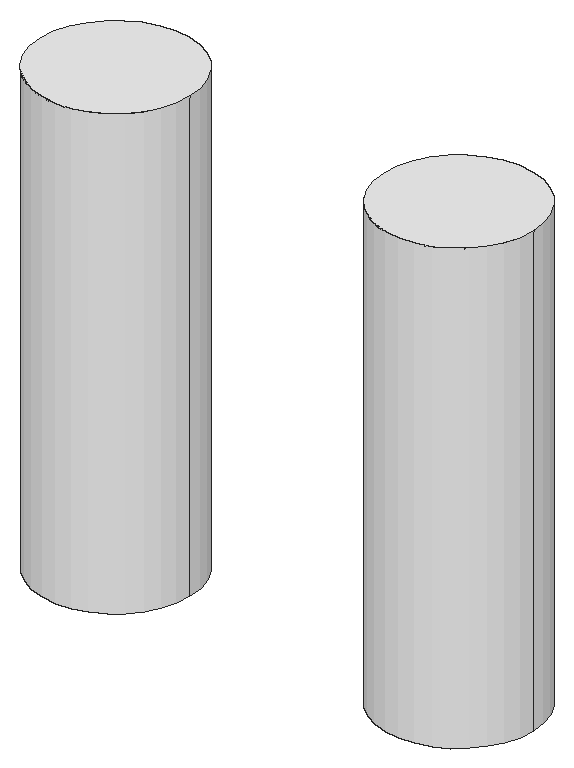
Revit family "45341183", category Plumbing Fixtures, Revit 2018
Family settings
  Round Connector Dimension = Use Diameter
  Part Type = Normal
  OmniClass Number = 23.45.55.00
  OmniClass Title = Sanitary Faucets, Wastes
  Work Plane-Based = No
  Always vertical = Yes
  Cut with Voids When Loaded = No
  Shared = No
  Room Calculation Point = No
Parameters (values of type "45341183 Washbasin faucet, low pressure ")
  WorkingPressure = "50 - 500 kPa"
  Working Pressure = "50 - 500 kPa"
  WarrantyStartDate [instance] = "n/a"
  WarrantyGuarantorParts = "n/a"
  WarrantyGuarantorLabor = "n/a"
  WarrantyDurationUnit = "Year"
  WarrantyDurationParts = "n/a"
  WarrantyDurationLabor = "n/a"
  WarrantyDescription = "http://warranty.hansa.com"
  Warranty Information URL = "http://warranty.hansa.com"
  VersionDate = "01/07/2022"
  Version = "3"  # constant formula
  ValvePattern = "n/a"
  ValveOperation = "n/a"
  ValveMechanism = "n/a"
  Uniclass2015Reference = "Pr_40_20_87_96"
  Uniclass2015Description = "Washbasin manual water supply sets"
  Uniclass2 = "Pr_40_30_96_96"
  URL REACH = "http://static.hansa.com/doc/reach"
  URL Declaration of Conformity = "http://static.hansa.com/DoC/45341183"
  URL = ""
  UNSPSC Class Number = "30181700 Faucets or taps"
  TestPressure = "n/a"
  Technical DataSheet URL = "http://www.hansa.com/datasheet/45341183/en"
  TagNumber [instance] = "n/a"
  SustainabilityPerformance = "n/a"
  Surface treatment = "Chrome"
  Spout Type = "Fixed spout"
  Spout Projection = "107 mm"
  Spare-Part Information URL = "http://static.hansa.com/sp/45341183"
  Size = "Faucet: 50x144x147 mm / Heater: 255x213x418 mm"
  Shape = "Sculptured"
  SerialNumber [instance] = "n/a"
  Sales Package dimensions (LxWxH) = "380 x 180 x 74"
  Revision = "2"  # constant formula
  ReplacementCost = "n/a"
  ProductInformation = "Washbasin faucet with disinfection wash proof Bidetta shower set"
  Product URL = "http://static.hansa.com/45341183"
  Product Image URL = "http://static.hansa.com/image/45341183"
  Product Family = "HANSAPINTO "
  Product Code = "45341183"
  OperatingMechanismMaterial = "n/a"
  Name_en = "45341183 Washbasin faucet, low pressure"
  Name = "45341183 Washbasin faucet, low pressure"
  NBSReference = "45-35-70/371"
  NBSDescription = "Water supply fittings for wash basins and troughs"
  Mounting Holes = "1 hole"
  ModelReference = "45341183"
  ModelNumber = "n/a"
  Model = "45341183 Washbasin faucet, low pressure"
  Mobile Product Information URL = "http://mpi.hansa.com/45341183"
  Mechanical Parts = "Litter filter(s);ø 40 mm ceramic cartridge for flow and temperature control"
  Max. Hot Water Supply = 70 °C
  Material = "Brass"
  Market = "International;Germany;Austria;Belgium;Netherlands;Czech Republic;Slovakia"
  ManufacturerURL = "http://www.hansa.com"
  ManufacturerName = "HANSA"
  Manufacturer = "HANSA"
  Lever Handle = "Hot/Cold symbols;Single operating lever/handle"
  Interactive AR View URL = "https://static.hansa.com/AR/45341183"
  InstallationDate [instance] = "n/a"
  Installation and Maintenance Guide URL = "http://static.hansa.com/manual/45341183"
  Installation Type = "Deck mounted"
  InletConnectionSize = 10 mm
  IfcExportType = "FAUCET"  # constant formula
  IfcExportAs = "IfcValveType"  # constant formula
  HeaterVisibility [instance] = yes
  HeaterNominalWidth = 255 mm
  HeaterNominalHeight = 418.2 mm
  HeaterNominalDepth = 213 mm
  HeaterDefaultElevation [instance] = 200 mm
  HWFU = 0
  Group = "Washbasin faucet"
  Grade = "n/a"
  FlowCoefficient = 0
  Finish = "Polished"
  Features = "Single-lever;Low pressure"
  FaucetNominalWidth = 50 mm
  FaucetNominalHeight = 147 mm
  FaucetNominalDepth = 144 mm
  FaucetMainMaterial = Brass
  FaucetDefaultElevation [instance] = 900 mm
  FDV Document URL = "http://www.hansa.com/datasheet/45341183/en/fdv"
  ExpectedLife = "n/a"
  Excluded Items = "Without pop-up waste;Without draw-rod opening"
  ETIM Class Number = "EC011328 Washbasin mixing tap"
  EN Standard = "EN 817"
  EAN Number = "4057304003028"
  DurationUnit = "Year"
  DistanceY-Axis [instance] = 100 mm
  DistanceX-Axis [instance] = 200 mm
  Dimension Drawing URL = "http://static.hansa.com/dimdrw/45341183"
  Description = ""
  Constituents = "n/a"
  Connection Size = "G3/8"
  Connection = "Flexible inlet pipes"
  Color = "Chrome"
  CodePerformance = "n/a"
  CloseOffRating = 0
  Category = "Bathroom"
  Catalog Drawing URL = "http://static.hansa.com/catdrw/45341183"
  Brand = "HANSA"
  BodyMaterial = "Brass"
  Barcode [instance] = "n/a"
  Backflow Prevention EN1717 = "AA"
  BIMObjectName = "45341183"
  Author = "BIMStone"
  AssetType = "Fixed"
  AssetIdentifier [instance] = "n/a"
  Ambience photo = "http://static.hansa.com/ambience/45341183"
  Aerator = "Laminar stream;Standard aerator"
  Advanced Features = "3S-installation system for safe and simple mounting;Inner body made of DZR brass"
  AccessibilityPerformance = "n/a"
  3D View = "https://static.hansa.com/3D/45341183"
  2D/3D/BIM Files URL = "http://static.hansa.com/bim/45341183"
Reference planes
  plane 1 "Center (Front/Back)": y = 0
  plane 2: z = 0
  plane 3 "Center (Left/Right)": x = 0
  plane 4: x = -25
  plane 5: x = 25
  plane 6: z = 900
  plane 7: z = 870
  plane 8: x = 200
  plane 9: y = -113
  plane 10: y = 100
  plane 11: z = 200
  plane 12: z = 618.2
  plane 13: y = -144
  plane 14: z = 1047
  plane 15: x = 72.5
  plane 16: x = 327.5
Forms (mm)
  Extrusion 1, solid, material "Brass" <- "FaucetMainMaterial"
    sketch origin (0, 4.9, 0) x (1, 0, 0) y (0, 1, 0)
      loop
        circle (-11.5, -29) r 5
      loop
        circle (11.5, -29) r 5
    from 870 to 900
Dimensions and locks
  equal spacing: plane 4, plane 3 "Center (Left/Right)", plane 5
  "FaucetDefaultElevation": plane 6 to level
  locked: plane 6 to plane 7 at 30
  "FaucetNominalWidth": plane 4 to plane 5
  "HeaterNominalDepth": plane 10 to plane 9
  "DistanceX-Axis": plane 3 "Center (Left/Right)" to plane 8
  "HeaterNominalHeight": plane 12 to plane 11
  "HeaterDefaultElevation": plane 11 to level
  "DistanceY-Axis": plane 10 to plane 1 "Center (Front/Back)"
  "FaucetNominalDepth": plane 13 to plane 1 "Center (Front/Back)"
  "FaucetNominalHeight": plane 14 to plane 6
  equal spacing: plane 15, plane 8, plane 16
  "HeaterNominalWidth": plane 15 to plane 16
  "InletConnectionSize": diameter of Extrusion 1 sketch curve  (x2)
  aligned and locked: level to plane 2
  aligned and locked: plane 6 to Extrusion 1
  aligned and locked: Extrusion 1 to plane 7
  aligned and locked: nested 2 to plane 10
  aligned and locked: plane 8 to nested 2
  aligned and locked: plane 8 to nested 3
  aligned and locked: plane 3 "Center (Left/Right)" to nested 4
  aligned and locked: plane 1 "Center (Front/Back)" to nested 4
  aligned and locked: nested 4 to plane 6
  aligned and locked: nested 3 to plane 10
  aligned and locked: nested 3 to plane 11
Automatic sketch dimensions
  Extrusion 1 sketch curve to plane 3 "Center (Left/Right)" = 11.5 mm
  plane 3 "Center (Left/Right)" to Extrusion 1 sketch curve = 11.5 mm
  plane 1 "Center (Front/Back)" to Extrusion 1 sketch curve = 24.1 mm
  Extrusion 1 sketch curve to Extrusion 1 sketch curve = 0 mm
Nested families
  nested 1: "Symbol" at (0, 0, 0), type "Symbol", detail levels coarse
  nested 2: "Symbol" at (200, 100, 0), type "Symbol", detail levels coarse
  nested 3: "45341183_Heater" at (200, -6.5, 200), visible <- "HeaterVisibility", type "45341183_Heater"
  nested 4: "45341183_p" at (0, 0, 900), Material <- "FaucetMainMaterial", type "45341183_p"
    with Material Brass
Connectors
  piping at (-11.5, -24.1, 870), diameter 10, driven by "InletConnectionSize"
    settings: on Extrusion 1, index 1, connector inside diameter 609.6 mm, connector length 0 mm, flow factor 0, pipe flow 0.0 L/s, pressure drop 0.0 Pa, fitting loss kfactor 0, connector angle 0.00°, fixture units 0, engagement length 0 mm, angle of deflection 0.00°, flow configuration 1, flow direction 1, fitting loss method 0, system type 19, joint type 0, gender type 0, connector reference index -1, connector utility 0, adjustable connector no, is connector primary yes, connector description ""
  piping at (11.5, -24.1, 870), diameter 10, driven by "InletConnectionSize"
    settings: on Extrusion 1, index 2, connector inside diameter 609.6 mm, connector length 0 mm, flow factor 0, pipe flow 0.0 L/s, pressure drop 0.0 Pa, fitting loss kfactor 0, connector angle 0.00°, fixture units 0, engagement length 0 mm, angle of deflection 0.00°, flow configuration 1, flow direction 1, fitting loss method 0, system type 20, joint type 0, gender type 0, connector reference index -1, connector utility 0, adjustable connector no, is connector primary no, connector description ""
  piping at (150, 32, 618.2), diameter 10, driven by "InletConnectionSize"
    settings: on nested 3, index 3, connector inside diameter 609.6 mm, connector length 0 mm, flow factor 0, pipe flow 0.0 L/s, pressure drop 0.0 Pa, fitting loss kfactor 0, connector angle 0.00°, fixture units 0, engagement length 0 mm, angle of deflection 0.00°, flow configuration 1, flow direction 2, fitting loss method 0, system type 19, joint type 0, gender type 0, connector reference index -1, connector utility 0, adjustable connector no, is connector primary no, connector description ""
  piping at (250, 32, 618.2), diameter 10, driven by "InletConnectionSize"
    settings: on nested 3, index 4, connector inside diameter 609.6 mm, connector length 0 mm, flow factor 0, pipe flow 0.0 L/s, pressure drop 0.0 Pa, fitting loss kfactor 0, connector angle 0.00°, fixture units 0, engagement length 0 mm, angle of deflection 0.00°, flow configuration 1, flow direction 1, fitting loss method 0, system type 20, joint type 0, gender type 0, connector reference index -1, connector utility 0, adjustable connector no, is connector primary no, connector description ""
Definition of nested family "Symbol"
  Reference planes
    plane 1: y = 0
    plane 2: x = 0
  Lines and regions (mm)
    detail lines
      curve 1: line (0, 0, 0) -> (0, -1.8, 0)
      curve 2: line (-0.4, -1.1, 0) -> (0.4, -1.1, 0)
      curve 3: line (-0.4, -1.4, 0) -> (0.4, -1.4, 0)
      curve 4: line (0.863, 0, 0) -> (-0.863, 0, 0)
      curve 5: circle (-1.163, 0, 0) r 0.3 normal (0, 0, -1)
      curve 6: circle (1.163, 0, 0) r 0.3 normal (0, 0, 1)
Definition of nested family "45341183_Heater"
  Reference planes
    plane 1 "Center (Front/Back)": y = 0
    plane 2: z = 0
    plane 3 "Center (Left/Right)": x = 0
    plane 4: z = 418.2
    plane 5: y = 106.5
    plane 6: y = -106.5
    plane 7: x = -127.5
    plane 8: x = 127.5
  Forms (mm)
    Extrusion 1, solid, detail levels medium
      sketch origin (0, 0, 0) x (1, 0, 0) y (0, 1, 0)
        loop
          arc (-123.28, -82.346) -> (-117.845, -95.367) -> (-105.167, -101.56) r 20
          arc (-105.167, -101.56) -> (0, -106.5) -> (105.167, -101.56) r 1121.865
          arc (105.167, -101.56) -> (117.845, -95.367) -> (123.28, -82.346) r 20
          line (123.28, -82.346) -> (127.5, 38.5) -> (-127.5, 38.5) -> (-123.28, -82.346)
      from 0 to 389.992
    Extrusion 2, solid, detail levels medium
      sketch origin (0, 0, 0) x (1, 0, 0) y (0, 1, 0)
        loop
          line (-107.693, 104.57) -> (-110, 38.5) -> (110, 38.5) -> (107.693, 104.57)
          arc (107.693, 104.57) -> (107.083, 105.939) -> (105.694, 106.5) r 2
          line (105.694, 106.5) -> (-105.694, 106.5)
          arc (-105.694, 106.5) -> (-107.083, 105.939) -> (-107.693, 104.57) r 2
      from 5.314 to 382.736
    Revolve 3, solid, detail levels medium
      sketch origin (0, 38.5, 0) x (1, 0, 0) y (0, 0, 1)
        loop
          line (-50, 418.2) -> (-58.25, 418.2) -> (-58.25, 408) -> (-62.75, 408) -> (-62.75, 396.5) -> (-50, 396.5) -> (-50, 418.2)
        axis (-50, 418.2) -> (-50, 396.5)
      angle from 0 to 360
    Revolve 4, solid, detail levels medium
      sketch origin (0, 38.5, 0) x (1, 0, 0) y (0, 0, 1)
        loop
          line (-50, 396.5) -> (-64.15, 396.5) -> (-66.173, 394.477) -> (-66.173, 382.736) -> (-50, 382.736) -> (-50, 396.5)
        axis (-50, 396.5) -> (-50, 382.736)
      angle from 0 to 360
    Extrusion 5, solid, detail levels coarse
      sketch origin (0, 0, 0) x (1, 0, 0) y (0, 1, 0)
        loop
          line (-127.5, 106.5) -> (-127.5, -106.5) -> (127.5, -106.5) -> (127.5, 106.5) -> (-127.5, 106.5)
      from 0 to 418.2
    Revolve 6, solid, detail levels medium
      sketch origin (0, 38.5, 0) x (-1, 0, 0) y (0, 0, -1)
        loop
          line (-50, -418.2) -> (-50, -396.5) -> (-62.75, -396.5) -> (-62.75, -408) -> (-58.25, -408) -> (-58.25, -418.2) -> (-50, -418.2)
        axis (-50, -418.2) -> (-50, -396.5)
      angle from 0 to 360
    Revolve 7, solid, detail levels medium
      sketch origin (0, 38.5, 0) x (-1, 0, 0) y (0, 0, -1)
        loop
          line (-50, -396.5) -> (-50, -382.736) -> (-66.173, -382.736) -> (-66.173, -394.477) -> (-64.15, -396.5) -> (-50, -396.5)
        axis (-50, -396.5) -> (-50, -382.736)
      angle from 0 to 360
  Cuts and joins
    joined: Extrusion 1, Extrusion 2, Revolve 4, Revolve 7
  Lines and regions (mm)
    symbolic lines, detail levels medium+fine
      curve 1: line (0, 104.57, 9.307) -> (0, 40.43, 7.067)
      curve 2: line (0, 106.5, 11.306) -> (0, 106.5, 378.647)
      curve 3: line (0, 104.57, 380.646) -> (0, 54.673, 382.389)
      curve 4: line (0, 54.673, 394.477) -> (0, 54.673, 382.389)
      curve 5: line (0, 54.673, 394.477) -> (0, 52.65, 396.5)
      curve 6: line (0, 51.25, 396.5) -> (0, 51.25, 408)
      curve 7: line (0, 51.25, 396.5) -> (0, 52.65, 396.5)
      curve 8: line (0, 51.25, 408) -> (0, 46.75, 408)
      curve 9: line (0, 46.75, 408) -> (0, 46.75, 418.2)
      curve 10: line (0, 46.75, 418.2) -> (0, 30.25, 418.2)
      curve 11: line (0, 30.25, 418.2) -> (0, 30.25, 408)
      curve 12: line (0, 30.25, 408) -> (0, 25.75, 408)
      curve 13: line (0, 25.75, 408) -> (0, 25.75, 396.5)
      curve 14: line (0, 25.75, 396.5) -> (0, 24.35, 396.5)
      curve 15: line (0, 24.35, 396.5) -> (0, 22.327, 394.477)
      curve 16: line (0, 22.327, 394.477) -> (0, 22.327, 389.144)
      curve 17: line (0, 22.327, 389.144) -> (0, -103.657, 382.542)
      curve 18: line (0, -106.5, 379.546) -> (0, -106.5, 373.554)
      curve 19: line (0, -106.5, 373.554) -> (0, -104.678, 373.554)
      curve 20: line (0, -104.678, 373.554) -> (0, -104.678, 368.554)
      curve 21: line (0, -104.678, 368.554) -> (0, -105.5, 368.554)
      curve 22: line (0, -105.5, 368.554) -> (0, -105.5, 311.5)
      curve 23: line (0, -105.5, 311.5) -> (0, -104.669, 311.5)
      curve 24: line (0, -104.669, 311.5) -> (0, -104.669, 283.779)
      curve 25: line (0, -106.5, 274.171) -> (0, -104.669, 283.779)
      curve 26: line (0, -106.5, 274.171) -> (0, -106.5, 26.243)
      curve 27: line (0, -81.5, 0) -> (0, -105.621, 24.121)
      curve 28: arc (0, -106.5, 26.243) -> (0, -106.272, 25.095) -> (0, -105.621, 24.121) r 3
      curve 29: line (0, -81.5, 0) -> (0, 38.5, 0)
      curve 30: line (0, 38.5, 0) -> (0, 38.5, 5.069)
      curve 31: arc (0, 40.43, 7.067) -> (0, 39.061, 6.458) -> (0, 38.5, 5.069) r 2
      curve 32: arc (0, 106.5, 11.306) -> (0, 105.939, 9.917) -> (0, 104.57, 9.307) r 2
      curve 33: arc (0, 104.57, 380.646) -> (0, 105.939, 380.037) -> (0, 106.5, 378.647) r 2
      curve 34: arc (0, -106.5, 379.546) -> (0, -105.676, 381.611) -> (0, -103.657, 382.542) r 3
      curve 47: line (-66.033, 0, 390.053) -> (-124.5, 0, 390.053)
      curve 48: line (-64, 0, 396.5) -> (-66.033, 0, 394.467)
      curve 49: line (-66.033, 0, 394.467) -> (-66.033, 0, 390.053)
      curve 50: line (-64, 0, 396.5) -> (-62.6, 0, 396.5)
      curve 51: line (-62.6, 0, 398.5) -> (-62.6, 0, 396.5)
      curve 52: line (-62.6, 0, 398.5) -> (-60.75, 0, 398.5)
      curve 53: line (-60.75, 0, 398.5) -> (-60.75, 0, 408)
      curve 54: line (-60.75, 0, 408) -> (-58.1, 0, 408)
      curve 55: line (-58.1, 0, 418.2) -> (-58.1, 0, 408)
      curve 56: line (-35.7, 0, 396.5) -> (-33.667, 0, 394.467)
      curve 57: line (-33.667, 0, 394.467) -> (-33.667, 0, 390.053)
      curve 58: line (-35.7, 0, 396.5) -> (-37.1, 0, 396.5)
      curve 59: line (-37.1, 0, 398.5) -> (-37.1, 0, 396.5)
      curve 60: line (-37.1, 0, 398.5) -> (-38.95, 0, 398.5)
      curve 61: line (-38.95, 0, 398.5) -> (-38.95, 0, 408)
      curve 62: line (-38.95, 0, 408) -> (-41.6, 0, 408)
      curve 63: line (-41.6, 0, 418.2) -> (-41.6, 0, 408)
      curve 64: line (-58.1, 0, 418.2) -> (-41.6, 0, 418.2)
      curve 65: line (-127.5, 0, 387.053) -> (-127.5, 0, 3)
      curve 66: line (-124.5, 0, 0) -> (124.5, 0, 0)
      curve 67: arc (-127.5, 0, 3) -> (-126.621, 0, 0.879) -> (-124.5, 0, 0) r 3
      curve 68: arc (-124.5, 0, 390.053) -> (-126.621, 0, 389.174) -> (-127.5, 0, 387.053) r 3
      curve 69: line (66.033, 0, 390.053) -> (124.5, 0, 390.053)
      curve 70: line (64, 0, 396.5) -> (66.033, 0, 394.467)
      curve 71: line (66.033, 0, 394.467) -> (66.033, 0, 390.053)
      curve 72: line (64, 0, 396.5) -> (62.6, 0, 396.5)
      curve 73: line (62.6, 0, 398.5) -> (62.6, 0, 396.5)
      curve 74: line (62.6, 0, 398.5) -> (60.75, 0, 398.5)
      curve 75: line (60.75, 0, 398.5) -> (60.75, 0, 408)
      curve 76: line (60.75, 0, 408) -> (58.1, 0, 408)
      curve 77: line (58.1, 0, 418.2) -> (58.1, 0, 408)
      curve 78: line (35.7, 0, 396.5) -> (33.667, 0, 394.467)
      curve 79: line (33.667, 0, 394.467) -> (33.667, 0, 390.053)
      curve 80: line (35.7, 0, 396.5) -> (37.1, 0, 396.5)
      curve 81: line (37.1, 0, 398.5) -> (37.1, 0, 396.5)
      curve 82: line (37.1, 0, 398.5) -> (38.95, 0, 398.5)
      curve 83: line (38.95, 0, 398.5) -> (38.95, 0, 408)
      curve 84: line (38.95, 0, 408) -> (41.6, 0, 408)
      curve 85: line (41.6, 0, 418.2) -> (41.6, 0, 408)
      curve 86: line (58.1, 0, 418.2) -> (41.6, 0, 418.2)
      curve 87: line (127.5, 0, 387.053) -> (127.5, 0, 3)
      curve 88: arc (127.5, 0, 3) -> (126.621, 0, 0.879) -> (124.5, 0, 0) r 3
      curve 89: arc (124.5, 0, 390.053) -> (126.621, 0, 389.174) -> (127.5, 0, 387.053) r 3
      curve 90: line (-33.667, 0, 390.053) -> (33.667, 0, 390.053)
      curve 125: line (-107.693, 104.57, 0) -> (-109.933, 40.43, 0)
      curve 126: line (-105.694, 106.5, 0) -> (105.694, 106.5, 0)
      curve 127: line (109.933, 40.43, 0) -> (107.693, 104.57, 0)
      curve 128: arc (-105.694, 106.5, 0) -> (-107.083, 105.939, 0) -> (-107.693, 104.57, 0) r 2
      curve 129: arc (107.693, 104.57, 0) -> (107.083, 105.939, 0) -> (105.694, 106.5, 0) r 2
      curve 130: line (-127.5, 38.5, 0) -> (-111.931, 38.5, 0)
      curve 131: line (127.5, 38.5, 0) -> (111.931, 38.5, 0)
      curve 132: line (-127.5, 38.5, 0) -> (-123.28, -82.346, 0)
      curve 133: arc (-123.28, -82.346, 0) -> (-117.845, -95.367, 0) -> (-105.167, -101.56, 0) r 20
      curve 134: arc (-105.167, -101.56, 0) -> (0, -106.5, 0) -> (105.167, -101.56, 0) r 1121.865
      curve 135: arc (105.167, -101.56, 0) -> (117.845, -95.367, 0) -> (123.28, -82.346, 0) r 20
      curve 136: line (123.28, -82.346, 0) -> (127.5, 38.5, 0)
      curve 137: arc (-109.933, 40.43, 0) -> (-110.542, 39.061, 0) -> (-111.931, 38.5, 0) r 2
      curve 138: arc (109.933, 40.43, 0) -> (110.542, 39.061, 0) -> (111.931, 38.5, 0) r 2
    symbolic lines, detail levels fine
      curve 35: line (0, 46.75, 408) -> (0, 30.25, 408)
      curve 36: line (0, 51.25, 396.5) -> (0, 25.75, 396.5)
      curve 37: line (0, 45.115, 398.5) -> (0, 45.115, 408)
      curve 38: line (0, 31.885, 398.5) -> (0, 31.885, 408)
      curve 39: line (0, 31.885, 398.5) -> (0, 45.115, 398.5)
      curve 40: line (0, 54.673, 394.477) -> (0, 22.327, 394.477)
      curve 41: line (0, 54.673, 382.389) -> (0, 40.426, 382.886)
      curve 42: line (0, 38.5, 390) -> (0, 38.5, 5.069)
      curve 43: line (0, 40.43, 7.067) -> (0, 40.43, 382.886)
      curve 44: arc (0, 40.426, 382.886) -> (0, 39.013, 383.542) -> (0, 38.5, 385.013) r 2
      curve 45: line (0, 38.5, 390) -> (0, 22.327, 389.144)
      curve 46: line (0, -104.678, 368.554) -> (0, -104.669, 311.5)
      curve 91: line (-58.1, 0, 408) -> (-41.6, 0, 408)
      curve 92: line (-62.6, 0, 396.5) -> (-37.1, 0, 396.5)
      curve 93: line (-66.033, 0, 394.467) -> (-33.667, 0, 394.467)
      curve 94: arc (-66.033, 0, 390.053) -> (-49.85, 0, 389.244) -> (-33.667, 0, 390.053) r 162.296
      curve 95: line (58.1, 0, 408) -> (41.6, 0, 408)
      curve 96: line (62.6, 0, 396.5) -> (37.1, 0, 396.5)
      curve 97: line (66.033, 0, 394.467) -> (33.667, 0, 394.467)
      curve 98: arc (66.033, 0, 390.053) -> (49.85, 0, 389.244) -> (33.667, 0, 390.053) r 162.296
      curve 99: line (-66, 0, 373.554) -> (66, 0, 373.554)
      curve 100: line (66, 0, 373.554) -> (66, 0, 283.554)
      curve 101: line (-66, 0, 373.554) -> (-66, 0, 283.554)
      curve 102: arc (-66, 0, 283.554) -> (0, 0, 274.025) -> (66, 0, 283.554) r 233.334
      curve 103: arc (-66, 0, 284.951) -> (0, 0, 276.133) -> (66, 0, 284.951) r 251.399
      curve 104: circle (0, 0, 340) r 28.5 normal (0, -1, 0)
      curve 105: line (-6, 0, 362.721) -> (-6, 0, 317.279)
      curve 106: line (6, 0, 317.279) -> (6, 0, 362.721)
      curve 107: arc (-6, 0, 362.721) -> (-23.086, 0, 340) -> (-6, 0, 317.279) r 23.651
      curve 108: arc (6, 0, 362.721) -> (23.086, 0, 340) -> (6, 0, 317.279) r 23.651
      curve 109: line (-123.24, 0, 56.504) -> (-125.628, 0, 3.041)
      curve 110: arc (-110.142, 0, 44.599) -> (-115.999, 0, 50.536) -> (-121.139, 0, 57.102) r 72.94
      curve 111: arc (-121.139, 0, 57.102) -> (-122.403, 0, 57.554) -> (-123.24, 0, 56.504) r 1.154
      curve 112: arc (-82.817, 0, 30.097) -> (-97.38, 0, 35.651) -> (-110.142, 0, 44.599) r 63.238
      curve 113: arc (110.142, 0, 44.599) -> (115.999, 0, 50.536) -> (121.139, 0, 57.102) r 72.94
      curve 114: arc (121.139, 0, 57.102) -> (122.403, 0, 57.554) -> (123.24, 0, 56.504) r 1.154
      curve 115: arc (82.817, 0, 30.097) -> (97.38, 0, 35.651) -> (110.142, 0, 44.599) r 63.238
      curve 116: arc (82.817, 0, 30.097) -> (0, 0, 20.076) -> (-82.817, 0, 30.097) r 347.239
      curve 117: arc (-125.628, 0, 3.041) -> (-124.936, 0, 1.015) -> (-123.05, 0, 0) r 2.931
      curve 118: line (123.24, 0, 56.504) -> (125.628, 0, 3.041)
      curve 119: arc (125.628, 0, 3.041) -> (124.936, 0, 1.015) -> (123.05, 0, 0) r 2.931
      curve 120: line (-123.24, 0, 56.504) -> (-123.24, 0, 380.71)
      curve 121: line (123.24, 0, 56.504) -> (123.24, 0, 380.71)
      curve 122: line (-123.24, 0, 380.71) -> (-127.5, 0, 387.053)
      curve 123: line (123.24, 0, 380.71) -> (127.5, 0, 387.053)
      curve 124: arc (-123.24, 0, 380.71) -> (0, 0, 379.324) -> (123.24, 0, 380.71) r 5480.134
      curve 139: line (-111.931, 38.5, 0) -> (-66.023, 38.5, 0)
      curve 140: arc (-66.023, 38.5, 0) -> (-49.85, 54.673, 0) -> (-33.677, 38.5, 0) r 16.173
      curve 141: arc (-33.677, 38.5, 0) -> (-49.85, 22.327, 0) -> (-66.023, 38.5, 0) r 16.173
      curve 142: arc (33.677, 38.5, 0) -> (49.85, 22.327, 0) -> (66.023, 38.5, 0) r 16.173
      curve 143: arc (66.023, 38.5, 0) -> (49.85, 54.673, 0) -> (33.677, 38.5, 0) r 16.173
      curve 144: line (-33.677, 38.5, 0) -> (33.677, 38.5, 0)
      curve 145: line (66.023, 38.5, 0) -> (111.931, 38.5, 0)
      curve 146: arc (-35.7, 38.5, 0) -> (-49.85, 52.65, 0) -> (-64, 38.5, 0) r 14.15
      curve 147: arc (-64, 38.5, 0) -> (-49.85, 24.35, 0) -> (-35.7, 38.5, 0) r 14.15
      curve 148: arc (-62.6, 38.5, 0) -> (-49.85, 51.25, 0) -> (-37.1, 38.5, 0) r 12.75
      curve 149: arc (-37.1, 38.5, 0) -> (-49.85, 25.75, 0) -> (-62.6, 38.5, 0) r 12.75
      curve 150: arc (-58.1, 38.5, 0) -> (-49.85, 46.75, 0) -> (-41.6, 38.5, 0) r 8.25
      curve 151: arc (-41.6, 38.5, 0) -> (-49.85, 30.25, 0) -> (-58.1, 38.5, 0) r 8.25
      curve 152: line (-60.75, 45.115, 0) -> (-60.75, 31.885, 0)
      curve 153: line (-38.95, 31.885, 0) -> (-38.95, 45.115, 0)
      curve 154: arc (35.7, 38.5, 0) -> (49.85, 52.65, 0) -> (64, 38.5, 0) r 14.15
      curve 155: arc (64, 38.5, 0) -> (49.85, 24.35, 0) -> (35.7, 38.5, 0) r 14.15
      curve 156: arc (62.6, 38.5, 0) -> (49.85, 51.25, 0) -> (37.1, 38.5, 0) r 12.75
      curve 157: arc (37.1, 38.5, 0) -> (49.85, 25.75, 0) -> (62.6, 38.5, 0) r 12.75
      curve 158: arc (58.1, 38.5, 0) -> (49.85, 46.75, 0) -> (41.6, 38.5, 0) r 8.25
      curve 159: arc (41.6, 38.5, 0) -> (49.85, 30.25, 0) -> (58.1, 38.5, 0) r 8.25
      curve 160: line (60.75, 45.115, 0) -> (60.75, 31.885, 0)
      curve 161: line (38.95, 31.885, 0) -> (38.95, 45.115, 0)
  Dimensions and locks
    aligned and locked: level to plane 2
Definition of nested family "45341183_p"
  Parameters (values of type "45341183_p")
    Material [instance] = none
  Reference planes
    plane 1 "Center (Front/Back)": y = 0
    plane 2: z = 0
    plane 3 "Center (Left/Right)": x = 0
    plane 4: x = -25
    plane 5: y = -144
    plane 6: x = 25
    plane 7: z = 147
  Forms (mm)
    Extrusion 1, solid, material <- "Material", detail levels medium
      sketch origin (0, 0, -900) x (0, 1, 0) y (0, 0, 1)
        loop
          line (0, 900) -> (-4.65, 1033.166) -> (-21.258, 1037.929) -> (-35.272, 1041.164) -> (-54.163, 1044.495) -> (-70.855, 1046.249) -> (-80.006, 1046.729) -> (-90.749, 1047) -> (-95.31, 1046.864) -> (-105.294, 1046.29) -> (-114.802, 1045.122) -> (-115.586, 1044.822) -> (-116.089, 1044.177) -> (-116.133, 1043.332) -> (-115.795, 1042.572) -> (-115.279, 1041.912) -> (-114.644, 1041.379) -> (-113.946, 1040.96) -> (-113.029, 1040.589) -> (-112.085, 1040.318) -> (-111.268, 1040.16) -> (-110.331, 1040.028) -> (-109.264, 1039.935) -> (-108.191, 1039.878) -> (-106.526, 1039.849) -> (-103.479, 1039.902) -> (-93.9, 1039.902) -> (-87.463, 1039.678) -> (-79.918, 1039.15) -> (-75.457, 1038.681) -> (-67.906, 1037.888) -> (-63.724, 1037.3) -> (-60.864, 1036.795) -> (-59.077, 1036.416) -> (-57.461, 1035.891) -> (-56.127, 1035.269) -> (-54.936, 1034.495) -> (-53.901, 1033.346) -> (-52.982, 1032.034) -> (-52.419, 1030.486) -> (-52.109, 1028.726) -> (-51.942, 1026.816) -> (-52.865, 1000.367) -> (-142.07, 997.252)
          arc (-142.07, 997.252) -> (-143.439, 996.643) -> (-144, 995.253) r 2
          line (-144, 995.253) -> (-144, 993.185)
          arc (-144, 993.185) -> (-142.89, 987.494) -> (-139.721, 982.638) r 15.139
          line (-139.721, 982.638) -> (-141.569, 978.284) -> (-119.579, 968.949) -> (-116.35, 976.557) -> (-74.555, 975.827)
          arc (-74.555, 975.827) -> (-57.468, 968.663) -> (-50.006, 951.704) r 25
          line (-50.006, 951.704) -> (-48.201, 900) -> (0, 900)
      from -25 to 25
    Extrusion 2, solid, material <- "Material", detail levels coarse
      sketch origin (0, 0, -900) x (1, 0, 0) y (0, 1, 0)
        loop
          line (-25, -144) -> (25, -144) -> (25, 0) -> (-25, 0) -> (-25, -144)
      from 900 to 1047
    Extrusion 3, solid, material <- "Material", detail levels medium
      sketch origin (0, 0, 0) x (1, 0, 0) y (0, 0, 1)
        loop
          arc (2.738, 37.534) -> (0, 39.531) -> (-2.738, 37.534) r 2.875
          arc (-2.738, 37.534) -> (-3.983, 29.786) -> (-2.872, 22.017) r 26.136
          arc (-2.872, 22.017) -> (0, 19.883) -> (2.872, 22.017) r 3
          arc (2.872, 22.017) -> (3.983, 29.786) -> (2.738, 37.534) r 26.136
      from 0 to 13.556
  Cuts and joins
    joined: Extrusion 1, Extrusion 3
  Lines and regions (mm)
    symbolic lines, detail levels medium+fine
      curve 1: line (-18.113, -129.658, 0) -> (-22.118, -38.494, 0)
      curve 5: line (0, -144, 0) -> (-3.127, -144, 0)
      curve 6: arc (-3.127, -144, 0) -> (-13.498, -139.837, 0) -> (-18.113, -129.658, 0) r 15
      curve 7: arc (25, -25, 0) -> (0, 0, 0) -> (-25, -25, 0) r 25
      curve 8: arc (-25, -25, 0) -> (-24.271, -31.899, 0) -> (-22.118, -38.494, 0) r 33.031
      curve 11: line (18.113, -129.658, 0) -> (22.118, -38.494, 0)
      curve 15: line (0, -144, 0) -> (3.127, -144, 0)
      curve 16: arc (3.127, -144, 0) -> (13.498, -139.837, 0) -> (18.113, -129.658, 0) r 15
      curve 17: arc (25, -25, 0) -> (24.271, -31.899, 0) -> (22.118, -38.494, 0) r 33.031
      curve 22: line (0, 0, 0) -> (0, -48.201, 0)
      curve 23: line (0, -48.201, 0) -> (0, -50.006, 51.704)
      curve 24: line (0, -116.35, 76.557) -> (0, -74.555, 75.827)
      curve 25: arc (0, -74.555, 75.827) -> (0, -57.468, 68.663) -> (0, -50.006, 51.704) r 25
      curve 26: line (0, -119.579, 68.949) -> (0, -141.569, 78.284)
      curve 27: line (0, -116.35, 76.557) -> (0, -119.579, 68.949)
      curve 28: line (0, -139.721, 82.638) -> (0, -141.569, 78.284)
      curve 29: line (0, -49.685, 100.478) -> (0, -142.07, 97.252)
      curve 30: line (0, -144, 95.253) -> (0, -144, 93.185)
      curve 31: arc (0, -144, 93.185) -> (0, -142.89, 87.494) -> (0, -139.721, 82.638) r 15.139
      curve 32: arc (0, -142.07, 97.252) -> (0, -143.439, 96.643) -> (0, -144, 95.253) r 2
      curve 35: arc (0, -3.441, 98.548) -> (0, -4.051, 99.917) -> (0, -5.44, 100.478) r 2
      curve 36: line (0, -52.799, 102.273) -> (0, -49.685, 102.381)
      curve 51: line (0, -49.685, 100.478) -> (0, -49.685, 102.381)
      curve 52: arc (0, -5.44, 100.478) -> (0, -5.888, 103.923) -> (0, -6.88, 107.251) r 21.682
      curve 53: line (0, -6.88, 107.251) -> (0, -2.942, 107.389)
      curve 55: line (0, -52.799, 102.273) -> (0, -51.942, 126.816)
      curve 56: line (0, -51.942, 126.816) -> (0, -52.109, 128.726)
      curve 57: line (0, -52.109, 128.726) -> (0, -52.419, 130.486)
      curve 58: line (0, -52.419, 130.486) -> (0, -52.982, 132.034)
      curve 59: line (0, -52.982, 132.034) -> (0, -53.901, 133.346)
      curve 60: line (0, -53.901, 133.346) -> (0, -54.936, 134.495)
      curve 61: line (0, -54.936, 134.495) -> (0, -56.127, 135.269)
      curve 62: line (0, -56.127, 135.269) -> (0, -57.461, 135.891)
      curve 63: line (0, -57.461, 135.891) -> (0, -59.077, 136.416)
      curve 64: line (0, -59.077, 136.416) -> (0, -60.864, 136.795)
      curve 65: line (0, -60.864, 136.795) -> (0, -63.724, 137.3)
      curve 66: line (0, -63.724, 137.3) -> (0, -67.906, 137.888)
      curve 67: line (0, -67.906, 137.888) -> (0, -75.457, 138.681)
      curve 68: line (0, -75.457, 138.681) -> (0, -79.918, 139.15)
      curve 69: line (0, -79.918, 139.15) -> (0, -87.463, 139.678)
      curve 70: line (0, -87.463, 139.678) -> (0, -93.9, 139.902)
      curve 71: line (0, -93.9, 139.902) -> (0, -103.479, 139.902)
      curve 72: line (0, -103.479, 139.902) -> (0, -106.526, 139.849)
      curve 73: line (0, -106.526, 139.849) -> (0, -108.191, 139.878)
      curve 74: line (0, -108.191, 139.878) -> (0, -109.264, 139.935)
      curve 75: line (0, -109.264, 139.935) -> (0, -110.331, 140.028)
      curve 76: line (0, -110.331, 140.028) -> (0, -111.268, 140.16)
      curve 77: line (0, -111.268, 140.16) -> (0, -112.085, 140.318)
      curve 78: line (0, -112.085, 140.318) -> (0, -113.029, 140.589)
      curve 79: line (0, -113.029, 140.589) -> (0, -113.946, 140.96)
      curve 80: line (0, -113.946, 140.96) -> (0, -114.644, 141.379)
      curve 81: line (0, -114.644, 141.379) -> (0, -115.279, 141.912)
      curve 82: line (0, -115.279, 141.912) -> (0, -115.795, 142.572)
      curve 83: line (0, -115.795, 142.572) -> (0, -116.133, 143.332)
      curve 84: line (0, -116.133, 143.332) -> (0, -116.089, 144.177)
      curve 85: line (0, -116.089, 144.177) -> (0, -115.586, 144.822)
      curve 86: line (0, -115.586, 144.822) -> (0, -114.802, 145.122)
      curve 87: line (0, -114.802, 145.122) -> (0, -105.294, 146.29)
      curve 88: line (0, -105.294, 146.29) -> (0, -95.31, 146.864)
      curve 89: line (0, -95.31, 146.864) -> (0, -90.749, 147)
      curve 90: line (0, -90.749, 147) -> (0, -80.006, 146.729)
      curve 91: line (0, -80.006, 146.729) -> (0, -70.855, 146.249)
      curve 92: line (0, -70.855, 146.249) -> (0, -54.163, 144.495)
      curve 93: line (0, -54.163, 144.495) -> (0, -35.272, 141.164)
      curve 94: line (0, -35.272, 141.164) -> (0, -21.258, 137.929)
      curve 95: line (0, -21.258, 137.929) -> (0, -6.239, 133.622)
      curve 96: line (0, -2.942, 107.389) -> (0, -2.942, 110.335)
      curve 97: line (0, -2.942, 110.335) -> (0, -3.104, 113.434)
      curve 98: line (0, -3.104, 113.434) -> (0, -3.35, 116.947)
      curve 99: line (0, -3.35, 116.947) -> (0, -3.873, 121.92)
      curve 100: line (0, -3.873, 121.92) -> (0, -4.461, 125.258)
      curve 101: line (0, -4.461, 125.258) -> (0, -6.239, 133.622)
      curve 102: line (-25, -0.3, 0) -> (25, -0.3, 0)
      curve 103: line (-25, -0.3, 0) -> (-25, -0.3, 98)
      curve 104: line (-23, -0.3, 100) -> (-21.712, -0.3, 100)
      curve 105: arc (-24.98, -0.3, 104.895) -> (-22.629, -0.3, 124.88) -> (-16.454, -0.3, 144.033) r 103.47
      curve 106: line (-22.98, -0.3, 102.855) -> (-21.712, -0.3, 102.855)
      curve 107: line (0, -0.3, 147) -> (-5, -0.3, 147)
      curve 108: arc (-5, -0.3, 147) -> (-9.189, -0.3, 146.85) -> (-13.356, -0.3, 146.4) r 58.445
      curve 109: arc (-13.356, -0.3, 146.4) -> (-15.213, -0.3, 145.619) -> (-16.454, -0.3, 144.033) r 4
      curve 110: line (-21.712, -0.3, 100) -> (-21.712, -0.3, 102.855)
      curve 113: arc (-22.98, -0.3, 102.855) -> (-24.408, -0.3, 103.455) -> (-24.98, -0.3, 104.895) r 2
      curve 114: arc (-23, -0.3, 100) -> (-24.414, -0.3, 99.414) -> (-25, -0.3, 98) r 2
      curve 115: line (25, -0.3, 0) -> (25, -0.3, 98)
      curve 116: line (23, -0.3, 100) -> (21.712, -0.3, 100)
      curve 117: arc (24.98, -0.3, 104.895) -> (22.629, -0.3, 124.88) -> (16.454, -0.3, 144.033) r 103.47
      curve 118: line (22.98, -0.3, 102.855) -> (21.712, -0.3, 102.855)
      curve 119: line (0, -0.3, 147) -> (5, -0.3, 147)
      curve 120: arc (5, -0.3, 147) -> (9.189, -0.3, 146.85) -> (13.356, -0.3, 146.4) r 58.445
      curve 121: arc (13.356, -0.3, 146.4) -> (15.213, -0.3, 145.619) -> (16.454, -0.3, 144.033) r 4
      curve 122: line (21.712, -0.3, 100) -> (21.712, -0.3, 102.855)
      curve 123: arc (22.98, -0.3, 102.855) -> (24.408, -0.3, 103.455) -> (24.98, -0.3, 104.895) r 2
      curve 124: arc (23, -0.3, 100) -> (24.414, -0.3, 99.414) -> (25, -0.3, 98) r 2
      curve 160: line (0, 0, 0) -> (0, -48.201, 0)
      curve 161: line (0, -48.201, 0) -> (0, -50.006, 51.704)
      curve 162: line (0, -116.35, 76.557) -> (0, -74.555, 75.827)
      curve 163: arc (0, -74.555, 75.827) -> (0, -57.468, 68.663) -> (0, -50.006, 51.704) r 25
      curve 164: line (0, -119.579, 68.949) -> (0, -141.569, 78.284)
      curve 165: line (0, -116.35, 76.557) -> (0, -119.579, 68.949)
      curve 166: line (0, -139.721, 82.638) -> (0, -141.569, 78.284)
      curve 167: line (0, -49.685, 100.478) -> (0, -142.07, 97.252)
      curve 168: line (0, -144, 95.253) -> (0, -144, 93.185)
      curve 169: arc (0, -144, 93.185) -> (0, -142.89, 87.494) -> (0, -139.721, 82.638) r 15.139
      curve 170: arc (0, -142.07, 97.252) -> (0, -143.439, 96.643) -> (0, -144, 95.253) r 2
      curve 172: line (0, 0, 0) -> (0, -0.702, 20.098)
      curve 174: arc (0, -3.441, 98.548) -> (0, -4.051, 99.917) -> (0, -5.44, 100.478) r 2
      curve 175: line (0, -52.799, 102.273) -> (0, -49.685, 102.381)
      curve 190: line (0, -49.685, 100.478) -> (0, -49.685, 102.381)
      curve 191: arc (0, -5.44, 100.478) -> (0, -5.888, 103.923) -> (0, -6.88, 107.251) r 21.682
      curve 192: line (0, -6.88, 107.251) -> (0, -2.942, 107.389)
      curve 194: line (0, -52.799, 102.273) -> (0, -51.942, 126.816)
      curve 195: line (0, -51.942, 126.816) -> (0, -52.109, 128.726)
      curve 196: line (0, -52.109, 128.726) -> (0, -52.419, 130.486)
      curve 197: line (0, -52.419, 130.486) -> (0, -52.982, 132.034)
      curve 198: line (0, -52.982, 132.034) -> (0, -53.901, 133.346)
      curve 199: line (0, -53.901, 133.346) -> (0, -54.936, 134.495)
      curve 200: line (0, -54.936, 134.495) -> (0, -56.127, 135.269)
      curve 201: line (0, -56.127, 135.269) -> (0, -57.461, 135.891)
      curve 202: line (0, -57.461, 135.891) -> (0, -59.077, 136.416)
      curve 203: line (0, -59.077, 136.416) -> (0, -60.864, 136.795)
      curve 204: line (0, -60.864, 136.795) -> (0, -63.724, 137.3)
      curve 205: line (0, -63.724, 137.3) -> (0, -67.906, 137.888)
      curve 206: line (0, -67.906, 137.888) -> (0, -75.457, 138.681)
      curve 207: line (0, -75.457, 138.681) -> (0, -79.918, 139.15)
      curve 208: line (0, -79.918, 139.15) -> (0, -87.463, 139.678)
      curve 209: line (0, -87.463, 139.678) -> (0, -93.9, 139.902)
      curve 210: line (0, -93.9, 139.902) -> (0, -103.479, 139.902)
      curve 211: line (0, -103.479, 139.902) -> (0, -106.526, 139.849)
      curve 212: line (0, -106.526, 139.849) -> (0, -108.191, 139.878)
      curve 213: line (0, -108.191, 139.878) -> (0, -109.264, 139.935)
      curve 214: line (0, -109.264, 139.935) -> (0, -110.331, 140.028)
      curve 215: line (0, -110.331, 140.028) -> (0, -111.268, 140.16)
      curve 216: line (0, -111.268, 140.16) -> (0, -112.085, 140.318)
      curve 217: line (0, -112.085, 140.318) -> (0, -113.029, 140.589)
      curve 218: line (0, -113.029, 140.589) -> (0, -113.946, 140.96)
      curve 219: line (0, -113.946, 140.96) -> (0, -114.644, 141.379)
      curve 220: line (0, -114.644, 141.379) -> (0, -115.279, 141.912)
      curve 221: line (0, -115.279, 141.912) -> (0, -115.795, 142.572)
      curve 222: line (0, -115.795, 142.572) -> (0, -116.133, 143.332)
      curve 223: line (0, -116.133, 143.332) -> (0, -116.089, 144.177)
      curve 224: line (0, -116.089, 144.177) -> (0, -115.586, 144.822)
      curve 225: line (0, -115.586, 144.822) -> (0, -114.802, 145.122)
      curve 226: line (0, -114.802, 145.122) -> (0, -105.294, 146.29)
      curve 227: line (0, -105.294, 146.29) -> (0, -95.31, 146.864)
      curve 228: line (0, -95.31, 146.864) -> (0, -90.749, 147)
      curve 229: line (0, -90.749, 147) -> (0, -80.006, 146.729)
      curve 230: line (0, -80.006, 146.729) -> (0, -70.855, 146.249)
      curve 231: line (0, -70.855, 146.249) -> (0, -54.163, 144.495)
      curve 232: line (0, -54.163, 144.495) -> (0, -35.272, 141.164)
      curve 233: line (0, -35.272, 141.164) -> (0, -21.258, 137.929)
      curve 234: line (0, -21.258, 137.929) -> (0, -6.239, 133.622)
      curve 235: line (0, -2.942, 107.389) -> (0, -2.942, 110.335)
      curve 236: line (0, -2.942, 110.335) -> (0, -3.104, 113.434)
      curve 237: line (0, -3.104, 113.434) -> (0, -3.35, 116.947)
      curve 238: line (0, -3.35, 116.947) -> (0, -3.873, 121.92)
      curve 239: line (0, -3.873, 121.92) -> (0, -4.461, 125.258)
      curve 240: line (0, -4.461, 125.258) -> (0, -6.239, 133.622)
      curve 241: line (0, -0.01, 21.167) -> (0, -0.436, 38.173)
      curve 242: arc (0, -0.436, 38.173) -> (0, -0.708, 38.905) -> (0, -1.373, 39.316) r 1.203
      curve 243: arc (0, -0.702, 20.098) -> (0, -0.191, 20.526) -> (0, -0.01, 21.167) r 1.128
      curve 244: line (0, -1.373, 39.316) -> (0, -3.441, 98.548)
    symbolic lines, detail levels fine
      curve 2: line (-19.514, -23.649, 0) -> (-13.826, -104.998, 0)
      curve 3: line (0, -116.161, 0) -> (-1.855, -116.161, 0)
      curve 4: arc (-1.855, -116.161, 0) -> (-10.039, -112.937, 0) -> (-13.826, -104.998, 0) r 12
      curve 9: line (0, -5.998, 0) -> (-3.054, -5.998, 0)
      curve 10: arc (-3.054, -5.998, 0) -> (-15.122, -11.245, 0) -> (-19.514, -23.649, 0) r 16.5
      curve 12: line (19.514, -23.649, 0) -> (13.826, -104.998, 0)
      curve 13: line (0, -116.161, 0) -> (1.855, -116.161, 0)
      curve 14: arc (1.855, -116.161, 0) -> (10.039, -112.937, 0) -> (13.826, -104.998, 0) r 12
      curve 18: line (0, -5.998, 0) -> (3.054, -5.998, 0)
      curve 19: arc (3.054, -5.998, 0) -> (15.122, -11.245, 0) -> (19.514, -23.649, 0) r 16.5
      curve 20: arc (-22.118, -38.494, 0) -> (-20.265, -42.04, 0) -> (-17.998, -45.336, 0) r 33.031
      curve 21: arc (22.118, -38.494, 0) -> (20.265, -42.04, 0) -> (17.998, -45.336, 0) r 33.031
      curve 33: line (0, -116.35, 76.557) -> (0, -139.721, 82.638)
      curve 34: line (0, -49.685, 100.478) -> (0, -5.44, 100.478)
      curve 37: line (0, -36.16, 102.854) -> (0, -34.9, 102.964)
      curve 38: line (0, -34.9, 102.964) -> (0, -33.693, 103.07)
      curve 39: line (0, -33.693, 103.07) -> (0, -32.448, 103.403)
      curve 40: line (0, -32.448, 103.403) -> (0, -31.504, 103.656)
      curve 41: line (0, -31.504, 103.656) -> (0, -30.481, 104.029)
      curve 42: line (0, -30.481, 104.029) -> (0, -29.232, 104.559)
      curve 43: line (0, -29.232, 104.559) -> (0, -28.329, 104.999)
      curve 44: line (0, -28.329, 104.999) -> (0, -27.246, 105.437)
      curve 45: line (0, -27.246, 105.437) -> (0, -26.502, 105.8)
      curve 46: line (0, -26.502, 105.8) -> (0, -25.404, 106.135)
      curve 47: line (0, -25.404, 106.135) -> (0, -24.14, 106.427)
      curve 48: line (0, -24.14, 106.427) -> (0, -23.124, 106.588)
      curve 49: line (0, -23.124, 106.588) -> (0, -21.754, 106.732)
      curve 50: line (0, -21.754, 106.732) -> (0, -6.88, 107.251)
      curve 54: line (0, -49.685, 102.381) -> (0, -36.16, 102.854)
      curve 111: line (-21.712, -0.3, 102.855) -> (21.712, -0.3, 102.855)
      curve 112: line (-21.712, -0.3, 100) -> (21.712, -0.3, 100)
      curve 125: line (0, -0.3, 137.309) -> (-6, -0.3, 137.309)
      curve 126: arc (-6, -0.3, 137.309) -> (-12.215, -0.3, 139.135) -> (-16.454, -0.3, 144.033) r 11.488
      curve 127: line (0, -0.3, 137.309) -> (6, -0.3, 137.309)
      curve 128: arc (6, -0.3, 137.309) -> (12.215, -0.3, 139.135) -> (16.454, -0.3, 144.033) r 11.488
      curve 129: circle (0, -0.3, 120.777) r 5.575 normal (0, -1, 0)
      curve 130: line (-25, -0.3, 98) -> (-18.889, -0.3, 95.279)
      curve 131: line (0, -0.3, 94.415) -> (-14.822, -0.3, 94.415)
      curve 132: arc (-14.822, -0.3, 94.415) -> (-16.901, -0.3, 94.633) -> (-18.889, -0.3, 95.279) r 10
      curve 133: spline (10.805, -0.3, 73.591) -> (10.437, -0.3, 74.697) -> (9.358, -0.3, 75.728) -> (7.641, -0.3, 76.613) -> (5.403, -0.3, 77.292) -> (2.797, -0.3, 77.719) -> (0, -0.3, 77.865) -> (-2.797, -0.3, 77.719) -> (-5.403, -0.3, 77.292) -> (-7.641, -0.3, 76.613) -> (-9.358, -0.3, 75.728) -> (-10.437, -0.3, 74.697) -> (-10.805, -0.3, 73.591) -> (-10.437, -0.3, 72.485) -> (-9.358, -0.3, 71.454) -> (-7.641, -0.3, 70.569) -> (-5.403, -0.3, 69.89) -> (-2.797, -0.3, 69.463) -> (0, -0.3, 69.317) -> (2.797, -0.3, 69.463) -> (5.403, -0.3, 69.89) -> (7.641, -0.3, 70.569) -> (9.358, -0.3, 71.454) -> (10.437, -0.3, 72.485) -> (10.805, -0.3, 73.591)
      curve 134: line (-10.805, -0.3, 73.591) -> (-10.805, -0.3, 77.974)
      curve 135: line (25, -0.3, 98) -> (18.889, -0.3, 95.279)
      curve 136: line (0, -0.3, 94.415) -> (14.822, -0.3, 94.415)
      curve 137: arc (14.822, -0.3, 94.415) -> (16.901, -0.3, 94.633) -> (18.889, -0.3, 95.279) r 10
      curve 138: line (10.805, -0.3, 73.591) -> (10.805, -0.3, 77.974)
      curve 139: spline (10.805, -0.3, 77.974) -> (10.437, -0.3, 79.08) -> (9.358, -0.3, 80.111) -> (7.641, -0.3, 80.996) -> (5.403, -0.3, 81.675) -> (2.797, -0.3, 82.102) -> (0, -0.3, 82.248) -> (-2.797, -0.3, 82.102) -> (-5.403, -0.3, 81.675) -> (-7.641, -0.3, 80.996) -> (-9.358, -0.3, 80.111) -> (-10.437, -0.3, 79.08) -> (-10.805, -0.3, 77.974)
      curve 140: line (-10.805, -0.3, 77.974) -> (-12.081, -0.3, 78.71)
      curve 141: line (-12.081, -0.3, 78.71) -> (-13.183, -0.3, 79.482)
      curve 142: line (-13.183, -0.3, 79.482) -> (-14.212, -0.3, 80.511)
      curve 143: line (-14.212, -0.3, 80.511) -> (-15.258, -0.3, 81.758)
      curve 144: line (-15.258, -0.3, 81.758) -> (-16.153, -0.3, 83.308)
      curve 145: line (-16.153, -0.3, 83.308) -> (-16.972, -0.3, 85.334)
      curve 146: line (-16.972, -0.3, 85.334) -> (-17.675, -0.3, 87.961)
      curve 147: line (-17.675, -0.3, 87.961) -> (-18.089, -0.3, 90.303)
      curve 148: line (-18.089, -0.3, 90.303) -> (-18.538, -0.3, 92.853)
      curve 149: line (-18.538, -0.3, 92.853) -> (-18.889, -0.3, 95.279)
      curve 150: line (10.805, -0.3, 77.974) -> (12.081, -0.3, 78.71)
      curve 151: line (12.081, -0.3, 78.71) -> (13.183, -0.3, 79.482)
      curve 152: line (13.183, -0.3, 79.482) -> (14.212, -0.3, 80.511)
      curve 153: line (14.212, -0.3, 80.511) -> (15.258, -0.3, 81.758)
      curve 154: line (15.258, -0.3, 81.758) -> (16.153, -0.3, 83.308)
      curve 155: line (16.153, -0.3, 83.308) -> (16.972, -0.3, 85.334)
      curve 156: line (16.972, -0.3, 85.334) -> (17.675, -0.3, 87.961)
      curve 157: line (17.675, -0.3, 87.961) -> (18.089, -0.3, 90.303)
      curve 158: line (18.089, -0.3, 90.303) -> (18.538, -0.3, 92.853)
      curve 159: line (18.538, -0.3, 92.853) -> (18.889, -0.3, 95.279)
      curve 171: line (0, -116.35, 76.557) -> (0, -139.721, 82.638)
      curve 173: line (0, -49.685, 100.478) -> (0, -5.44, 100.478)
      curve 176: line (0, -36.16, 102.854) -> (0, -34.9, 102.964)
      curve 177: line (0, -34.9, 102.964) -> (0, -33.693, 103.07)
      curve 178: line (0, -33.693, 103.07) -> (0, -32.448, 103.403)
      curve 179: line (0, -32.448, 103.403) -> (0, -31.504, 103.656)
      curve 180: line (0, -31.504, 103.656) -> (0, -30.481, 104.029)
      curve 181: line (0, -30.481, 104.029) -> (0, -29.232, 104.559)
      curve 182: line (0, -29.232, 104.559) -> (0, -28.329, 104.999)
      curve 183: line (0, -28.329, 104.999) -> (0, -27.246, 105.437)
      curve 184: line (0, -27.246, 105.437) -> (0, -26.502, 105.8)
      curve 185: line (0, -26.502, 105.8) -> (0, -25.404, 106.135)
      curve 186: line (0, -25.404, 106.135) -> (0, -24.14, 106.427)
      curve 187: line (0, -24.14, 106.427) -> (0, -23.124, 106.588)
      curve 188: line (0, -23.124, 106.588) -> (0, -21.754, 106.732)
      curve 189: line (0, -21.754, 106.732) -> (0, -6.88, 107.251)
      curve 193: line (0, -49.685, 102.381) -> (0, -36.16, 102.854)
      curve 245: arc (-3.923, -1.704, 0) -> (-3.456, -0.576, 0) -> (-2.328, -0.109, 0) r 1.595
      curve 246: arc (3.923, -1.704, 0) -> (3.456, -0.576, 0) -> (2.328, -0.109, 0) r 1.595
      curve 247: arc (-3.923, -1.704, 0) -> (0, -1.83, 0) -> (3.923, -1.704, 0) r 60.96
      curve 248: line (0, -0.702, 20.098) -> (0, -1.373, 39.316)
  Dimensions and locks
    aligned and locked: level to plane 2
